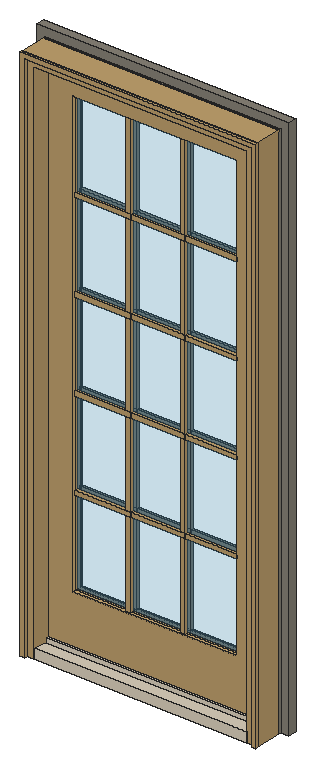
Revit family
Parameters (values of type "CUOFD3070")
  X = yes
  Void Offset = if(and(Casing Visibility, BMC), 0' 1 5/16", if(and(Casing Visibility, Flat Casing), 0' 3", 0' 0"))  # 0' - 1 5/16"
  URL = "www.marvin.com"
  Thickness = 0' - 1 3/4"
  Swing Constraint [instance] = if(X, Plan Swing Angle, 0.00°)  # 90.00°
  Sill Material = Fiberglass_Pultrusion-Marvin-Beige
  Rough Width = Width + 0' 1"  # 3' - 2 7/16"
  Rough Height = Height + 0' 0 1/2"  # 7' - 2 1/2"
  Prairie Corner Width = 0' - 4"
  Prairie Corner Height = 0' - 4"
  Plan Swing Angle [instance] = 90.00°
  Panel Width = Width - 0' 2 3/8"  # 2' - 11 1/16"
  O = not(X)  # no
  Nominal Width = 3' - 0"
  Nominal Height = 7' - 0"
  Muntins Interior Visibility = yes
  Muntins Exterior Visibility = yes
  Model = "CUOFD3070"
  Manufacturer = "Marvin Windows and Doors"
  Lites Wide = 3
  Lites High = 5
  Lite Cut Prairie 9 = no
  Lite Cut HV Grid = not(Lite Cut Prairie 9)  # yes
  Label Visibility = no
  Jamb Extension Visibility = yes
  Interior Material = Wood-Marvin-Pine
  Inset to Installation Flange [instance] = 0' - 1"
  Height = if(Nominal Height = 6' 6", Nominal Height + 0' 1 1/2", if(or(Nominal Height = 6' 8", Nominal Height = 7' 0"), Nominal Height + 0' 2", Nominal Height - 0' 0 1/2"))  # 7' - 2"
  Wall Closure = (empty or 0)
  Width = if(Nominal Height > 6' 6", Nominal Width + 0' 1 7/16", Nominal Width + 0' 0 5/8")  # 3' - 1 7/16"
  Glazing Material = Glass-Marvin-IG Low E II with Argon
  Glass Type = "IG Low E II with Argon"
  Function = 1
  Frame = "Aluminum Clad"
  Flat Casing Visibility = and(Casing Visibility, Flat Casing)  # no
  Family created by = "www.rbuiltcomponents.com"
  Elevation Swing = X  # yes
  Door Type = "Clad Ultimate Outswing French Door"
  Design Pressure = "DP40"
  Description = "3684 FR DOOR"
  Daylight Area = DLO Width * DLO Height  # 12.4636 SF
  DLO Width = Width - 0' 11 27/32"  # 2' - 1 19/32"
  DLO Height = if(Bottom Rail Traditional, Height - 1' 3 7/8", Height - 1' 0 13/32")  # 5' - 10 1/8"
  Cladding Material = Aluminum-Marvin-Bronze
  Casing Width = if(BMC, 0' 1 5/16", 0' 3")  # 0' - 1 5/16"
  Casing Visibility = yes
  Bottom Rail Traditional = not(Bottom Rail Contemporary)  # yes
  Bottom Rail Contemporary = no
  Bottom Rail = if(Bottom Rail Traditional, 0' 9 31/32", 0' 6 1/2")  # 0' - 9 31/32"
  BMC Visibility = and(Casing Visibility, BMC)  # yes
  BMC = yes
  Flat Casing = not(BMC)  # no
  Assembly Code = ""
Reference planes (in)
  plane 1 "Center (Front/Back)": y = 0
  plane 2 "Center (Left/Right)": x = 0
  plane 3 "Left": x = -18.71875
  plane 4 "Right": x = 18.71875
  plane 5 "Top": z = 86
  plane 6 "Exterior": y = 3
  plane 7 "Interior": y = -3
  plane 8 "Inset": y = 2
  plane 9 "Glazing": y = 1.65625
  plane 10: x = -12.78125
  plane 11: x = 12.78125
  plane 12: z = 80.0625
  plane 13: z = 9.96875
  plane 14 "Jamb Ext Face": y = -2.5625
  plane 15: y = 2.09375
  plane 16 "Void Offset": z = 87.3125
  plane 17 "Casing": z = 87.3125
  plane 18: y = -2.59375
Forms (in)
  Sweep 1, solid, material "Aluminum-Marvin-Bronze" <- "Cladding Material"
    path origin (0, 1.65625, 0) x (1, 0, 0) y (0, 0, 1)
      loop
        line (-18.71875, 0) -> (-18.71875, 86) -> (18.71875, 86) -> (18.71875, 0)
    profile "Clad_Frame : Clad_Frame" origin (-18.71875, 1.65625, 43) x (-1, 0, 0) y (0, -1, 0)
      loop
        line (0, -1.43865) -> (0, 0) -> (-1.06374, 0) -> (-1.06374, -0.15859) -> (-0.93767, -0.15859) -> (-0.93767, -0.732) -> (-0.67848, -0.732) -> (-0.67848, -1.43865) -> (0, -1.43865)
  Sweep 2, solid, material "Wood-Marvin-Pine" <- "Interior Material"
    path origin (0, 1.65625, 0) x (1, 0, 0) y (0, 0, 1)
      loop
        line (-18.71875, 0) -> (-18.71875, 86) -> (18.71875, 86) -> (18.71875, 0)
    profile "Int_Frame : Int_Frame" origin (-18.71875, 1.65625, 43) x (-1, 0, 0) y (0, -1, 0)
      loop
        line (0, 0) -> (0, 4.2176) -> (-1.75053, 4.2176) -> (-1.75053, 1.42331) -> (-1.06374, 1.42331) -> (-1.06374, 0) -> (0, 0)
  Sweep 3, solid, material "Fiberglass_Pultrusion-Marvin-Beige" <- "Sill Material"
    path origin (0, 2, 0) x (1, 0, 0) y (0, 0, 1)
      loop
        line (18.04027, 0) -> (-18.04027, 0)
    profile "Sill : Sill" origin (0, 2, 0) x (0, 0, -1) y (0, -1, 0)
      loop
        line (0, 4.56948) -> (-1.57326, 4.56948) -> (-1.32364, 2.19448) -> (-2.005, 2.19448) -> (-2.005, 1.75698) -> (-1.55064, 1.75698) -> (-1.35612, -0.09375) -> (-0.5775, -0.09375) -> (-0.5775, -1.09375) -> (0, -1.09375) -> (0, 4.56948)
  Extrusion 4, solid, material "Wood-Marvin-Pine" <- "Interior Material", visible <- "Jamb Extension Visibility", detail levels medium+fine
    sketch origin (0, -2.5625, 0) x (1, 0, 0) y (0, 0, 1)
      loop
        line (-18.71875, 0) -> (-18.03125, 0) -> (-18.03125, 85.3125) -> (18.03125, 85.3125) -> (18.03125, 0) -> (18.71875, 0) -> (18.71875, 86) -> (-18.71875, 86) -> (-18.71875, 0)
    from 0.03125 to 0.4375
  Sweep 5, void
    path in 3D
      loop
        line (-18.04027, -2.56948, 0) -> (-18.04027, -2.56948, 1.57326)
    profile "Sill_Void : Sill_Void" origin (-18.04027, -2.56948, 0.78663) x (0, 1, 0) y (-1, 0, 0)
      loop
        line (0, 0) -> (0, -1.07205) -> (2.79429, -1.07205) -> (2.79429, -0.38526) -> (4.37619, -0.38526) -> (4.37619, -0.25918) -> (4.9496, -0.25918) -> (4.9496, 0) -> (0, 0)
  Sweep 6, void
    path in 3D
      loop
        line (18.04027, -2.56948, 1.57326) -> (18.04027, -2.56948, 0)
    profile "Sill_Void : Sill_Void" origin (18.04027, -2.56948, 0.78663) x (0, 1, 0) y (1, 0, 0)
      loop
        line (0, 0) -> (0, -1.07205) -> (2.79429, -1.07205) -> (2.79429, -0.38526) -> (4.37619, -0.38526) -> (4.37619, -0.25918) -> (4.9496, -0.25918) -> (4.9496, 0) -> (0, 0)
  Extrusion 7, void
    sketch origin (0, 0, 0) x (1, 0, 0) y (0, 1, 0)
      loop
        line (-18.71875, 2) -> (-18.71875, -3) -> (18.71875, -3) -> (18.71875, 2) -> (-18.71875, 2)
    from 86 to 0
  Extrusion 8, void
    sketch origin (0, 0, 0) x (1, 0, 0) y (0, 1, 0)
      loop
        line (-20.03125, 3.125) -> (-20.03125, 2) -> (20.03125, 2) -> (20.03125, 3.125) -> (-20.03125, 3.125)
    from 87.3125 to 0
Cuts and joins
  Sweep 5, Sweep 6 cuts Sweep 3
Lines and regions (in)
  Masking region 1
    outline origin (0, 0, 0) x (0, 1, 0) y (0, 0, 1)
      loop
        line (3.0949, 86) -> (-2.59375, 86) -> (-2.59375, 0) -> (3.0949, 0) -> (3.0949, 86)
  Masking region 2, visible <- "Jamb Extension Visibility"
    outline origin (0, 0, 0) x (1, 0, 0) y (0, 1, 0)
      loop
        line (-18.71875, -2.59375) -> (-18.71875, -3) -> (-18.03125, -3) -> (-18.03125, -2.59375) -> (-18.71875, -2.59375)
  Masking region 3, visible <- "Jamb Extension Visibility"
    outline origin (0, 0, 0) x (0, 1, 0) y (-1, 0, 0)
      loop
        line (-2.59375, -18.71875) -> (-2.59375, -18.03125) -> (-3, -18.03125) -> (-3, -18.71875) -> (-2.59375, -18.71875)
  Masking region 4, visible <- "Jamb Extension Visibility"
    outline origin (0, 0, 0) x (0, 1, 0) y (0, 0, 1)
      loop
        line (-2.59375, 86) -> (-3, 86) -> (-3, 0) -> (-2.59375, 0) -> (-2.59375, 86)
  symbolic lines, style "DoorsFrameMullionProjection", visible <- "Jamb Extension Visibility", detail levels coarse+medium
    curve 1: line (-18.71875, -3, 0) -> (-18.03125, -3, 0)
    curve 2: line (-18.03125, -3, 0) -> (-18.03125, -2.59375, 0)
    curve 3: line (18.71875, -3, 0) -> (18.03125, -3, 0)
    curve 4: line (18.03125, -3, 0) -> (18.03125, -2.59375, 0)
    curve 7: line (0, -2.59375, 85.3125) -> (0, -3, 85.3125)
    curve 8: line (0, -3, 85.3125) -> (0, -3, 86)
  symbolic lines, style "Jamb Extension", visible <- "Jamb Extension Visibility", detail levels fine
    curve 5: line (0, -2.59375, 85.3125) -> (0, -3, 85.3125)
    curve 6: line (0, -3, 85.3125) -> (0, -3, 86)
  symbolic lines, style "DoorsFrameMullionProjection", detail levels coarse+medium
    curve 9: line (0, 3.0949, 86) -> (0, 3.0949, 84.93626)
    curve 10: line (0, 3.0949, 84.93626) -> (0, -2.5625, 84.93626)
    curve 11: line (0, -2.5625, 84.93626) -> (0, -2.5625, 86)
    curve 20: line (0, 2.09375, 80.0625) -> (0, 2.09375, 9.96875)
    curve 21: line (0, 0.3426, 80.0625) -> (0, 0.3426, 9.96875)
    curve 24: line (0, 3.09375, 0.5775) -> (0, 2.09375, 0.5775)
    curve 25: line (0, 2.09375, 1.375) -> (0, 2.09375, 0.5775)
    curve 26: line (0, 2.09375, 1.375) -> (0, -2.5625, 1.375)
    curve 27: line (0, -2.5625, 0) -> (0, -2.5625, 1.375)
    curve 28: line (0, 3.09375, 0) -> (0, 3.09375, 0.5775)
    curve 29: line (0, 3.09375, 0) -> (0, -2.5625, 0)
    curve 30: line (-18.71875, -2.59375, 0) -> (-18.71875, -3, 0)
    curve 31: line (18.71875, -2.59375, 0) -> (18.71875, -3, 0)
    curve 32: line (0, 3.0949, 86) -> (0, -3, 86)
  symbolic lines, style "DoorsPanelProjection", detail levels coarse+medium
    curve 12: line (0, 2.09375, 80.0625) -> (0, 2.09375, 84.93626)
    curve 13: line (0, 0.3426, 80.0625) -> (0, 2.09375, 80.0625)
    curve 14: line (0, 0.3426, 84.93626) -> (0, 0.3426, 80.0625)
    curve 15: line (0, 2.09375, 9.96875) -> (0, 0.3426, 9.96875)
    curve 16: line (0, 2.09375, 1.625) -> (0, 2.09375, 9.96875)
    curve 17: line (0, 0.3426, 1.625) -> (0, 2.09375, 1.625)
    curve 18: line (0, 0.3426, 9.96875) -> (0, 0.3426, 1.625)
  symbolic lines, style "DoorsGlassProjection", detail levels coarse+medium
    curve 19: line (0, 1.21875, 9.96875) -> (0, 1.21875, 80.0625)
  symbolic lines, style "Elevation Swing", visible <- "Elevation Swing"
    curve 22: line (-17.53125, 1.65625, 0.87565) -> (17.53125, 1.65625, 43)
    curve 23: line (17.53125, 1.65625, 43) -> (-17.53125, 1.65625, 84.83384)
  sketch lines
    curve 33: line (-18.04027, -2.56948, 0) -> (-18.04027, -2.56948, 1.57326)
    curve 34: line (18.04027, -2.56948, 1.57326) -> (18.04027, -2.56948, 0)
Text (in)
  text "Exterior" at (-74.96733, 27.31104, 0), in view "Ref. Level"
  text "Interior" at (-74.96733, -25.14366, 0), in view "Ref. Level"
  text "Exterior" at (0, 40.15149, 123.01588), in view "Right"
  text "Interior" at (0, -64.39139, 123.01588), in view "Right"
  text "Interior" at (0, -31.01599, 123.00693), in view "Left"
  text "Exterior" at (0, 54.57065, 123.00693), in view "Left"
Dimensions and locks (in)
  equal spacing: plane 3 "Left", plane 2 "Center (Left/Right)", plane 4 "Right"
  "Height": level to plane 5 "Top"
  "Width": plane 3 "Left" to plane 4 "Right"
  locked: plane 11 to plane 4 "Right" at 5.9375
  locked: plane 3 "Left" to plane 10 at 5.9375
  locked: plane 12 to plane 5 "Top" at 5.9375
  "Bottom Rail": level to plane 13
  locked: Extrusion 4 sketch curve to plane 4 "Right" at 0.6875
  locked: plane 3 "Left" to Extrusion 4 sketch curve at 0.6875
  locked: plane 5 "Top" to Extrusion 4 sketch curve at 0.6875
  locked: nested 3 to plane 9 "Glazing" at 0.8125
  "Inset to Installation Flange": host wall to plane 8 "Inset"
  locked: plane 9 "Glazing" to plane 8 "Inset" at 0.34375
  locked: plane 14 "Jamb Ext Face" to plane 8 "Inset" at 4.5625
  locked: plane 8 "Inset" to plane 15 at 0.09375
  locked: nested 5 to host wall at 12
  equal spacing: level, curve 23, plane 5 "Top"
  locked: curve 26 to level at 1.375
  locked: Extrusion 8 sketch curve to host wall at 0.125
  "Void Offset": Extrusion 8 sketch curve to plane 3 "Left"
  "Void Offset": plane 4 "Right" to Extrusion 8 sketch curve
  "Void Offset": plane 5 "Top" to plane 16 "Void Offset"
  "Casing Width": plane 5 "Top" to plane 17 "Casing"
  locked: plane 18 to plane 14 "Jamb Ext Face" at 0.03125
  aligned and locked: plane 6 "Exterior" to host wall
  aligned and locked: plane 7 "Interior" to host wall
  aligned and locked: plane 3 "Left" to Sweep 1 sketch curve
  aligned and locked: level to Sweep 1 sketch curve  (x2)
  aligned and locked: Sweep 1 sketch curve to plane 5 "Top"
  aligned and locked: Sweep 1 sketch curve to plane 4 "Right"
  aligned and locked: plane 3 "Left" to Sweep 2 sketch curve
  aligned and locked: level to Sweep 2 sketch curve  (x2)
  aligned and locked: Sweep 2 sketch curve to plane 5 "Top"
  aligned and locked: Sweep 2 sketch curve to plane 4 "Right"
  aligned and locked: level to nested 1
  aligned and locked: nested 1 to plane 8 "Inset"
  aligned and locked: Sweep 3 sketch curve to level
  aligned and locked: Extrusion 4 sketch curve to plane 3 "Left"
  aligned and locked: plane 5 "Top" to Extrusion 4 sketch curve
  aligned and locked: plane 4 "Right" to Extrusion 4 sketch curve
  aligned and locked: level to Extrusion 4 sketch curve  (x2)
  aligned and locked: Sweep 1 to Extrusion 4 sketch curve
  aligned and locked: host wall to Extrusion 4
  aligned and locked: plane 9 "Glazing" to nested 2
  aligned and locked: nested 2 to plane 2 "Center (Left/Right)"
  aligned and locked: plane 12 to nested 2
  aligned and locked: plane 2 "Center (Left/Right)" to nested 3
  aligned and locked: nested 3 to plane 12
  aligned and locked: plane 3 "Left" to curve 1
  aligned and locked: curve 1 to Extrusion 4
  aligned and locked: curve 4 to Extrusion 4
  aligned and locked: curve 3 to Extrusion 4
  aligned and locked: Extrusion 4 to curve 5
  aligned and locked: Extrusion 4 to curve 6
  aligned and locked: plane 5 "Top" to curve 8
  aligned and locked: Extrusion 4 to curve 7
  aligned and locked: plane 5 "Top" to curve 9
  aligned and locked: plane 14 "Jamb Ext Face" to curve 11
  aligned and locked: curve 9 to Sweep 1
  aligned and locked: curve 10 to Sweep 2
  aligned and locked: curve 13 to plane 12
  aligned and locked: curve 15 to plane 13
  aligned and locked: curve 13 to curve 19
  aligned and locked: curve 15 to curve 19
  aligned and locked: plane 5 "Top" to Masking region 1 sketch curve
  aligned and locked: level to Masking region 1 sketch curve
  aligned and locked: Masking region 1 sketch curve to Sweep 1
  aligned and locked: plane 8 "Inset" to nested 4
  aligned and locked: plane 2 "Center (Left/Right)" to nested 5
  aligned and locked: nested 4 to plane 4 "Right"
  aligned and locked: Sweep 3 sketch curve to Sweep 1
  aligned and locked: Sweep 1 to Sweep 3 sketch curve
  aligned and locked: plane 3 "Left" to curve 30
  aligned and locked: nested 4 to curve 31
  aligned and locked: curve 25 to cut or joined group of Sweep 3, Sweep 5, Sweep 6
  aligned and locked: curve 24 to cut or joined group of Sweep 3, Sweep 5, Sweep 6
  aligned and locked: plane 14 "Jamb Ext Face" to curve 27
  aligned and locked: Extrusion 7 sketch curve to host wall
  aligned and locked: Extrusion 7 sketch curve to plane 3 "Left"
  aligned and locked: plane 4 "Right" to Extrusion 7 sketch curve
  aligned and locked: plane 8 "Inset" to Extrusion 7 sketch curve
  aligned and locked: Extrusion 8 sketch curve to plane 8 "Inset"
  aligned and locked: Extrusion 7 to plane 5 "Top"
  aligned and locked: Extrusion 7 to level
  aligned and locked: Extrusion 8 to plane 16 "Void Offset"
  aligned and locked: Extrusion 8 to level
  aligned and locked: plane 2 "Center (Left/Right)" to nested 6
  aligned and locked: plane 8 "Inset" to nested 6
  aligned and locked: level to nested 6
  aligned and locked: Masking region 2 sketch curve to plane 3 "Left"
  aligned and locked: Masking region 2 sketch curve to Extrusion 4
  aligned and locked: Masking region 2 sketch curve to host wall
  aligned and locked: curve 2 to Extrusion 4
  aligned and locked: Masking region 3 sketch curve to plane 4 "Right"
  aligned and locked: Masking region 3 sketch curve to Extrusion 4
  aligned and locked: host wall to Masking region 3 sketch curve
  aligned and locked: plane 18 to Masking region 2 sketch curve
  aligned and locked: plane 18 to curve 30
  aligned and locked: plane 18 to curve 2
  aligned and locked: Masking region 3 sketch curve to plane 18
  aligned and locked: plane 18 to curve 4
  aligned and locked: plane 18 to curve 31
  aligned and locked: Extrusion 4 to plane 18
  aligned and locked: plane 18 to curve 5
  aligned and locked: plane 18 to curve 7
  aligned and locked: Masking region 1 sketch curve to plane 18
  aligned and locked: plane 5 "Top" to Masking region 4 sketch curve
  aligned and locked: level to Masking region 4 sketch curve
  aligned and locked: plane 18 to Masking region 4 sketch curve
  aligned and locked: Masking region 4 sketch curve to host wall
  aligned and locked: curve 28 to nested 1
  aligned and locked: plane 2 "Center (Left/Right)" to nested 7
  aligned and locked: nested 7 to plane 12
  aligned and locked: plane 9 "Glazing" to nested 7
  aligned and locked: curve 14 to nested 1
Automatic sketch dimensions
  level to curve 22 = 0' - 0.87565"
  plane 5 "Top" to curve 23 = 0' - 1.16616"
  curve 29 to level = 0' - 0"
  plane 9 "Glazing" to curve 19 = 0' - 0 7/16"
  curve 16 to plane 15 = 0' - 0"
  curve 23 to plane 3 "Left" = 0' - 1 3/16"
  curve 22 to plane 3 "Left" = 0' - 1 3/16"
  plane 4 "Right" to curve 23 = 0' - 1 3/16"
  curve 25 to curve 17 = 0' - 0 1/4"
Nested families (in)
  nested 1: "Door_Section_Detail" at (0, 2, 0) x (0, -1, 0) z (1, 0, 0), type "Door_Section_Detail", detail levels fine
  nested 2: "Muntins" at (0, 1.65625, -26.0625), visible <- "Muntins Exterior Visibility", Muntin Material <- "Cladding Material", type "Muntins"
    with Muntin Material Aluminum-Marvin-Bronze, GlazingWidth 2' - 1 19/32", GlazingHeight 5' - 10 1/8", Width 2' - 2 1/32", LitesVertical 5, HorizontalMuntins 4, Height 5' - 10 9/16", Inset Vert 0' - 8.30208", Inset Horiz 1' - 1.7375"
  nested 3: "Muntins" at (0, 0.84375, -26.0625), Muntin Material <- "Interior Material", visible <- "Muntins Interior Visibility", type "Muntins"
    with Muntin Material Wood-Marvin-Pine, GlazingWidth 2' - 1 19/32", GlazingHeight 5' - 10 1/8", Width 2' - 2 1/32", LitesVertical 5, HorizontalMuntins 4, Height 5' - 10 9/16", Inset Vert 0' - 8.30208", Inset Horiz 1' - 1.7375"
  nested 4: "Door_Plan_Detail" at (36.65625, 2, 0), type "Door_Plan_Detail"
  nested 5: "Label Annotation 1-16 w5" at (0, 15, 0), visible <- "Label Visibility", type "Label Annotation 1-16 w5"
  nested 6: "Casing_Clad" at (0, 2, 0), visible <- "Casing Visibility", type "Casing_Clad"
    with Width 3' - 1 7/16", Height 7' - 2"
  nested 7: "Panel" at (0, 1.65625, 1.84375), type "Panel"
    with Width 2' - 11 3/32", Height 6' - 10 31/32", DLO Width 2' - 1 19/32", DLO Height 5' - 10 1/8"
Definition of nested family "Muntins"
  Parameters (values of type "Muntins")
    PrairieMuntVisible = no
    Prairie Corner Width = 0' - 4"
    Prairie Corner Height = 0' - 4"
    Muntin Extension = 0' - 0 7/16"
    GridMuntVisible = yes
    GlazingWidth = 2' - 0"
    GlazingHeight = 2' - 11 1/8"
    Width = GlazingWidth + Muntin Extension  # 2' - 0 7/16"
    VerticalMuntins = if(LitesHorizontal < 3, 2, LitesHorizontal - 1)  # 2
    VertMuntVisible = and(GridMuntVisible, LitesHorizontal > 2)  # yes
    MuntinWidth = 0' - 0 3/4"
    MuntinDepth [instance] = 0' - 0 3/8"
    Muntin Material [instance] = none
    LitesVertical = 3
    LitesHorizontal = 3
    HorizontalMuntins = if(LitesVertical < 3, 2, LitesVertical - 1)  # 2
    HorizMuntVisible = and(GridMuntVisible, LitesVertical > 2)  # yes
    Height = GlazingHeight + Muntin Extension  # 2' - 11 9/16"
    Inset Vert = if(LitesHorizontal < 3, (Width / 3) - (MuntinWidth / 2), (Width / LitesHorizontal) - (MuntinWidth / 2))  # 0' - 7.77083"
    Inset Horiz = if(LitesVertical < 3, (Height / 3) - (MuntinWidth / 2), (Height / LitesVertical) - (MuntinWidth / 2))  # 0' - 11.47917"
    CenterMuntinVertical = and(GridMuntVisible, LitesHorizontal = 2)  # no
    CenterMuntinHorizontal = and(GridMuntVisible, LitesVertical = 2)  # no
    Assembly Code = ""
  Reference planes (in)
    plane 1 "Center (Front/Back)": y = 0
    plane 2: z = 0
    plane 3 "Center (Left/Right)": x = 0
    plane 4: z = 35.78125
    plane 5: z = 53.5625
    plane 6: z = 71.34375
    plane 7: z = 59.86458
    plane 8: z = 47.26042
    plane 9: z = 71.125
    plane 10: z = 36
    plane 11: x = -12
    plane 12: x = 12
    plane 13: x = -4.44792
    plane 14: x = -12.21875
    plane 15: x = 12.21875
    plane 16: x = 4.44792
    plane 17: z = 67.125
    plane 18: z = 40
    plane 19: x = -8
    plane 20: x = 8
  Forms (in)
    Extrusion 1, solid, material <- "Muntin Material", visible <- "CenterMuntinVertical", detail levels medium+fine
      sketch origin (9, 0, 0) x (1, 0, 0) y (0, 0, 1)
        loop
          line (-9.375, 71.34375) -> (-9.375, 35.78125) -> (-8.625, 35.78125) -> (-8.625, 71.34375) -> (-9.375, 71.34375)
      from 0 to 0.375 <- "MuntinDepth"
    Extrusion 2, solid, material <- "Muntin Material", visible <- "CenterMuntinHorizontal", detail levels medium+fine
      sketch origin (-0.0013, 0, 14.6875) x (1, 0, 0) y (0, 0, 1)
        loop
          line (-12.21745, 39.25) -> (-12.21745, 38.5) -> (12.22005, 38.5) -> (12.22005, 39.25) -> (-12.21745, 39.25)
      from 0 to 0.375 <- "MuntinDepth"
    Extrusion 3, solid, material <- "Muntin Material", visible <- "VertMuntVisible", detail levels medium+fine
      sketch origin (4.92708, 0, -2.90625) x (1, 0, 0) y (0, 0, 1)
        loop
          line (-9.375, 74.25) -> (-9.375, 38.6875) -> (-8.625, 38.6875) -> (-8.625, 74.25) -> (-9.375, 74.25)
      from 0 to 0.375 <- "MuntinDepth"
    Extrusion 4, solid, material <- "Muntin Material", visible <- "HorizMuntVisible", detail levels medium+fine
      sketch origin (-3.09635, 0, 14.17708) x (1, 0, 0) y (0, 0, 1)
        loop
          line (-9.1224, 45.6875) -> (-9.1224, 44.9375) -> (15.3151, 44.9375) -> (15.3151, 45.6875) -> (-9.1224, 45.6875)
      from 0 to 0.375 <- "MuntinDepth"
    Extrusion 5, solid, material <- "Muntin Material", visible <- "HorizMuntVisible", detail levels medium+fine
      sketch origin (-3.09635, 0, 2.32292) x (1, 0, 0) y (0, 0, 1)
        loop
          line (-9.1224, 45.6875) -> (-9.1224, 44.9375) -> (15.3151, 44.9375) -> (15.3151, 45.6875) -> (-9.1224, 45.6875)
      from 0 to 0.375 <- "MuntinDepth"
    Extrusion 6, solid, material <- "Muntin Material", visible <- "VertMuntVisible", detail levels medium+fine
      sketch origin (13.07292, 0, -2.90625) x (1, 0, 0) y (0, 0, 1)
        loop
          line (-9.375, 74.25) -> (-9.375, 38.6875) -> (-8.625, 38.6875) -> (-8.625, 74.25) -> (-9.375, 74.25)
      from 0 to 0.375 <- "MuntinDepth"
    Extrusion 7, solid, material <- "Muntin Material", visible <- "PrairieMuntVisible", detail levels medium+fine
      sketch origin (1, 0, 0) x (1, 0, 0) y (0, 0, 1)
        loop
          line (-9, 71.34375) -> (-9, 35.78125) -> (-8.25, 35.78125) -> (-8.25, 71.34375) -> (-9, 71.34375)
      from 0 to 0.375 <- "MuntinDepth"
    Extrusion 8, solid, material <- "Muntin Material", visible <- "PrairieMuntVisible", detail levels medium+fine
      sketch origin (17, 0, 0) x (1, 0, 0) y (0, 0, 1)
        loop
          line (-9.75, 71.34375) -> (-9.75, 35.78125) -> (-9, 35.78125) -> (-9, 71.34375) -> (-9.75, 71.34375)
      from 0 to 0.375 <- "MuntinDepth"
    Extrusion 9, solid, material <- "Muntin Material", visible <- "PrairieMuntVisible", detail levels medium+fine
      sketch origin (-0.0013, 0, 28.25) x (1, 0, 0) y (0, 0, 1)
        loop
          line (-12.21745, 38.875) -> (-12.21745, 38.125) -> (12.22005, 38.125) -> (12.22005, 38.875) -> (-12.21745, 38.875)
      from 0 to 0.375 <- "MuntinDepth"
    Extrusion 10, solid, material <- "Muntin Material", visible <- "PrairieMuntVisible", detail levels medium+fine
      sketch origin (-0.0013, 0, 1.125) x (1, 0, 0) y (0, 0, 1)
        loop
          line (-12.21745, 39.625) -> (-12.21745, 38.875) -> (12.22005, 38.875) -> (12.22005, 39.625) -> (-12.21745, 39.625)
      from 0 to 0.375 <- "MuntinDepth"
  Cuts and joins
    joined: Extrusion 7, Extrusion 8, Extrusion 9, Extrusion 10
  Lines and regions (in)
    model lines, style "Muntins", visible <- "CenterMuntinHorizontal", detail levels coarse
      curve 1: line (-12.21875, 0, 53.5625) -> (12.21875, 0, 53.5625)
    model lines, style "Muntins", visible <- "HorizMuntVisible", detail levels coarse
      curve 2: line (-12.21875, 0, 59.48958) -> (12.21875, 0, 59.48958)
      curve 3: line (-12.21875, 0, 47.63542) -> (12.21875, 0, 47.63542)
    model lines, style "Muntins", visible <- "CenterMuntinVertical", detail levels coarse
      curve 4: line (0, 0, 71.34375) -> (0, 0, 35.78125)
    model lines, style "Muntins", visible <- "VertMuntVisible", detail levels coarse
      curve 5: line (-4.07292, 0, 71.34375) -> (-4.07292, 0, 35.78125)
      curve 6: line (4.07292, 0, 71.34375) -> (4.07292, 0, 35.78125)
    model lines, style "Muntins", visible <- "PrairieMuntVisible", detail levels coarse
      curve 7: line (-12.21875, 0, 66.75) -> (12.21875, 0, 66.75)
      curve 8: line (-12.21875, 0, 40.375) -> (12.21875, 0, 40.375)
      curve 9: line (-7.625, 0, 35.78125) -> (-7.625, 0, 71.34375)
      curve 10: line (7.625, 0, 35.78125) -> (7.625, 0, 71.34375)
  Dimensions and locks (in)
    "Inset Horiz": plane 6 to plane 7
    "Inset Horiz": plane 8 to plane 4
    equal spacing: plane 6, plane 5, plane 4
    "Height": plane 6 to plane 4
    "GlazingHeight": plane 9 to plane 10
    equal spacing: plane 9, plane 5, plane 10
    "GlazingWidth": plane 12 to plane 11
    equal spacing: plane 12, plane 3 "Center (Left/Right)", plane 11
    "MuntinWidth": Extrusion 1 sketch curve to Extrusion 1 sketch curve
    "Height": Extrusion 1 sketch curve to Extrusion 1 sketch curve
    "MuntinWidth": Extrusion 2 sketch curve to Extrusion 2 sketch curve
    "Width": Extrusion 2 sketch curve to Extrusion 2 sketch curve
    "MuntinWidth": Extrusion 3 sketch curve to Extrusion 3 sketch curve
    "Height": Extrusion 3 sketch curve to Extrusion 3 sketch curve
    "Width": plane 15 to plane 14
    equal spacing: plane 15, plane 3 "Center (Left/Right)", plane 14
    "Inset Vert": plane 13 to plane 14
    "Inset Vert": plane 15 to plane 16
    "MuntinWidth": Extrusion 4 sketch curve to Extrusion 4 sketch curve
    "Width": Extrusion 4 sketch curve to Extrusion 4 sketch curve
    "MuntinWidth": Extrusion 5 sketch curve to Extrusion 5 sketch curve
    "Width": Extrusion 5 sketch curve to Extrusion 5 sketch curve
    group 2 to group 3 = 0' - 0"  (x2)
    group 3 to group 2 = 0' - 11.85417"
    "MuntinWidth": Extrusion 6 sketch curve to Extrusion 6 sketch curve
    "Height": Extrusion 6 sketch curve to Extrusion 6 sketch curve
    group 4 to group 5 = 0' - 8.14583"
    group 4 to group 5 = 0' - 0"  (x2)
    "Prairie Corner Width": plane 19 to plane 11
    "Prairie Corner Width": plane 20 to plane 12
    "Prairie Corner Height": plane 9 to plane 17
    "Prairie Corner Height": plane 18 to plane 10
    "MuntinWidth": Extrusion 7 sketch curve to Extrusion 7 sketch curve
    "Height": Extrusion 7 sketch curve to Extrusion 7 sketch curve
    "MuntinWidth": Extrusion 8 sketch curve to Extrusion 8 sketch curve
    "Height": Extrusion 8 sketch curve to Extrusion 8 sketch curve
    "MuntinWidth": Extrusion 9 sketch curve to Extrusion 9 sketch curve
    "Width": Extrusion 9 sketch curve to Extrusion 9 sketch curve
    "MuntinWidth": Extrusion 10 sketch curve to Extrusion 10 sketch curve
    "Width": Extrusion 10 sketch curve to Extrusion 10 sketch curve
    aligned and locked: plane 6 to Extrusion 1  (x2)
    aligned and locked: Extrusion 1 to plane 4  (x3)
    aligned and locked: Extrusion 3 to plane 13  (x5)
    aligned and locked: Extrusion 3 to plane 4  (x3)
    aligned and locked: Extrusion 2 to plane 14
    aligned and locked: plane 15 to Extrusion 2
    aligned and locked: plane 6 to Extrusion 3
    aligned and locked: plane 7 to Extrusion 4
    aligned and locked: Extrusion 4 to plane 14
    aligned and locked: plane 15 to Extrusion 4
    aligned and locked: curve 1 to plane 5
    aligned and locked: plane 14 to curve 1
    aligned and locked: plane 15 to curve 1
    aligned and locked: Extrusion 5 to plane 14
    aligned and locked: Extrusion 5 to plane 8
    aligned and locked: plane 15 to Extrusion 5
    aligned and locked: Extrusion 5 to curve 3  (x2)
    aligned and locked: Extrusion 4 to curve 2  (x2)
    aligned and locked: curve 4 to plane 3 "Center (Left/Right)"
    aligned and locked: Extrusion 1 to curve 4  (x2)
    aligned and locked: Extrusion 3 to curve 5  (x2)
    aligned and locked: Extrusion 6 to curve 6  (x2)
    aligned and locked: Extrusion 6 to plane 16
    aligned and locked: plane 6 to Extrusion 6
    aligned and locked: plane 6 to curve 6
    aligned and locked: Extrusion 6 to plane 4
    aligned and locked: plane 4 to curve 6
    aligned and locked: cut or joined group of Extrusion 7, Extrusion 8, Extrusion 9, Extrusion 10 to plane 19
    aligned and locked: plane 20 to cut or joined group of Extrusion 7, Extrusion 8, Extrusion 9, Extrusion 10
    aligned and locked: plane 17 to cut or joined group of Extrusion 7, Extrusion 8, Extrusion 9, Extrusion 10
    aligned and locked: cut or joined group of Extrusion 7, Extrusion 8, Extrusion 9, Extrusion 10 to plane 18
    aligned and locked: cut or joined group of Extrusion 7, Extrusion 8, Extrusion 9, Extrusion 10 to curve 7  (x2)
    aligned and locked: cut or joined group of Extrusion 7, Extrusion 8, Extrusion 9, Extrusion 10 to curve 8  (x2)
    aligned and locked: cut or joined group of Extrusion 7, Extrusion 8, Extrusion 9, Extrusion 10 to curve 9  (x2)
    aligned and locked: cut or joined group of Extrusion 7, Extrusion 8, Extrusion 9, Extrusion 10 to curve 10  (x2)
  Automatic sketch dimensions
    Extrusion 1 sketch curve to plane 4 = 0' - 0"
    Extrusion 1 sketch curve to plane 3 "Center (Left/Right)" = 0' - 0 3/8"
    Extrusion 2 sketch curve to plane 14 = 0' - 0"
    Extrusion 2 sketch curve to plane 5 = 0' - 0 3/8"
    Extrusion 7 sketch curve to plane 4 = 0' - 0"
    Extrusion 7 sketch curve to plane 19 = 0' - 0"
    Extrusion 8 sketch curve to plane 4 = 0' - 0"
    Extrusion 8 sketch curve to plane 20 = 0' - 0 3/4"
    Extrusion 9 sketch curve to plane 14 = 0' - 0"
    Extrusion 9 sketch curve to plane 17 = 0' - 0 3/4"
    Extrusion 10 sketch curve to plane 14 = 0' - 0"
    Extrusion 10 sketch curve to plane 18 = 0' - 0"
    plane 19 to curve 9 = 0' - 0 3/8"
    curve 10 to plane 20 = 0' - 0 3/8"
    plane 18 to curve 8 = 0' - 0 3/8"
    curve 7 to plane 17 = 0' - 0 3/8"
Definition of nested family "Casing_Clad"
  Parameters (values of type "Casing_Clad")
    Width = 16' - 0"
    Height = 12' - 0"
    Flat Casing Visibility = no
    Cladding Finish = Aluminum-Marvin-Bronze
    BMC Visibility = yes
    Assembly Code = ""
  Reference planes (in)
    plane 1 "Center (Front/Back)": y = 0
    plane 2: z = 0
    plane 3 "Center (Left/Right)": x = 0
    plane 4: z = 144
    plane 5: x = -96
    plane 6: x = 96
  Forms (in)
    Sweep 1, solid, material "Aluminum-Marvin-Bronze" <- "Cladding Finish", visible <- "BMC Visibility"
      path origin (0, 0, 0) x (1, 0, 0) y (0, 0, 1)
        loop
          line (-96, 0) -> (-96, 144) -> (96, 144) -> (96, 0)
      profile "BMC_Clad : BMC_Clad" origin (96, 0, 72) x (1, 0, 0) y (0, -1, 0)
        loop
          line (0.71589, -1.25) -> (1.3125, -1.25) -> (1.3125, 0) -> (0, 0) -> (0, -1.09375) -> (0.38081, -1.09375) -> (0.71589, -1.25)
    Sweep 2, solid, material "Aluminum-Marvin-Bronze" <- "Cladding Finish", visible <- "Flat Casing Visibility"
      path origin (0, 0, 0) x (1, 0, 0) y (0, 0, 1)
        loop
          line (-96, 0) -> (-96, 144) -> (96, 144) -> (96, 0)
      profile "Flat_Casing_Clad : Flat_Casing_Clad" origin (96, 0, 72) x (1, 0, 0) y (0, -1, 0)
        loop
          line (3, -1.09375) -> (3, 0) -> (0, 0) -> (0, -1.09375) -> (3, -1.09375)
  Lines and regions (in)
    Masking region 1, visible <- "Flat Casing Visibility"
      outline origin (0, 0, 0) x (1, 0, 0) y (0, 1, 0)
        loop
          line (-96, 0) -> (-96, 1.09375) -> (-99, 1.09375) -> (-99, 0) -> (-96, 0)
    Masking region 2, visible <- "Flat Casing Visibility"
      outline origin (0, 0, 0) x (0, 1, 0) y (-1, 0, 0)
        loop
          line (0, -96) -> (0, -99) -> (1.09375, -99) -> (1.09375, -96) -> (0, -96)
    Masking region 3, visible <- "BMC Visibility"
      outline origin (0, 0, 0) x (1, 0, 0) y (0, 1, 0)
        loop
          line (96, 1.09375) -> (96, 0) -> (97.3125, 0) -> (97.3125, 1.25) -> (96.71589, 1.25) -> (96.38081, 1.09375) -> (96, 1.09375)
    Masking region 4, visible <- "BMC Visibility"
      outline origin (0, 0, 0) x (0, 1, 0) y (-1, 0, 0)
        loop
          line (1.09375, 96) -> (1.09375, 96.38081) -> (1.25, 96.71589) -> (1.25, 97.3125) -> (0, 97.3125) -> (0, 96) -> (1.09375, 96)
    Masking region 5, visible <- "Flat Casing Visibility"
      outline origin (0, 0, 0) x (0, 1, 0) y (0, 0, 1)
        loop
          line (1.09375, 147) -> (0, 147) -> (0, 144) -> (1.09375, 144) -> (1.09375, 147)
    Masking region 6, visible <- "BMC Visibility"
      outline origin (0, 0, 0) x (0, 1, 0) y (0, 0, 1)
        loop
          line (1.25, 145.3125) -> (0, 145.3125) -> (0, 144) -> (1.09375, 144) -> (1.09375, 144.38081) -> (1.25, 144.71589) -> (1.25, 145.3125)
    symbolic lines, style "Frame/Mullion", visible <- "Flat Casing Visibility", detail levels coarse+medium
      curve 1: line (0, 1.09375, 144) -> (0, 1.09375, 147)
      curve 2: line (0, 1.09375, 147) -> (0, 0, 147)
      curve 11: line (-99, 1.09375, 0) -> (-99, 0, 0)
      curve 12: line (-96, 1.09375, 0) -> (-99, 1.09375, 0)
      curve 13: line (99, 0, 0) -> (99, 1.09375, 0)
      curve 14: line (99, 1.09375, 0) -> (96, 1.09375, 0)
    symbolic lines, style "Frame/Mullion", visible <- "BMC Visibility", detail levels coarse+medium
      curve 3: line (0, 1.25, 145.3125) -> (0, 0, 145.3125)
      curve 4: line (0, 1.25, 144.71589) -> (0, 1.25, 145.3125)
      curve 5: line (0, 1.09375, 144.38081) -> (0, 1.25, 144.71589)
      curve 6: line (0, 1.09375, 144) -> (0, 1.09375, 144.38081)
      curve 7: line (-96.71589, 1.25, 0) -> (-97.3125, 1.25, 0)
      curve 8: line (-96.38081, 1.09375, 0) -> (-96.71589, 1.25, 0)
      curve 9: line (-96, 1.09375, 0) -> (-96.38081, 1.09375, 0)
      curve 10: line (-97.3125, 1.25, 0) -> (-97.3125, 0, 0)
      curve 15: line (97.3125, 0, 0) -> (97.3125, 1.25, 0)
      curve 16: line (97.3125, 1.25, 0) -> (96.71589, 1.25, 0)
      curve 17: line (96.71589, 1.25, 0) -> (96.38081, 1.09375, 0)
      curve 18: line (96.38081, 1.09375, 0) -> (96, 1.09375, 0)
  Dimensions and locks (in)
    "Width": plane 6 to plane 5
    equal spacing: plane 6, plane 3 "Center (Left/Right)", plane 5
    "Height": plane 4 to plane 2
    aligned and locked: plane 4 to Sweep 1 sketch curve
    aligned and locked: plane 5 to Sweep 1 sketch curve
    aligned and locked: plane 2 to Sweep 1 sketch curve
    aligned and locked: Sweep 1 sketch curve to plane 2
    aligned and locked: plane 4 to Sweep 2 sketch curve
    aligned and locked: plane 5 to Sweep 2 sketch curve
    aligned and locked: plane 2 to Sweep 2 sketch curve
    aligned and locked: Sweep 2 sketch curve to plane 2
    aligned and locked: Masking region 1 sketch curve to Sweep 1
    aligned and locked: Masking region 1 sketch curve to plane 1 "Center (Front/Back)"
    aligned and locked: Sweep 2 to Masking region 1 sketch curve
    aligned and locked: Masking region 1 sketch curve to Sweep 2
    aligned and locked: Masking region 2 sketch curve to Sweep 2  (x3)
    aligned and locked: Sweep 2 to Masking region 2 sketch curve
    aligned and locked: Masking region 3 sketch curve to Sweep 2
    aligned and locked: Masking region 3 sketch curve to Sweep 1  (x4)
    aligned and locked: Sweep 1 to Masking region 3 sketch curve
    aligned and locked: Masking region 4 sketch curve to Sweep 2
    aligned and locked: Masking region 4 sketch curve to Sweep 1  (x5)
    aligned and locked: Masking region 5 sketch curve to Sweep 2  (x2)
    aligned and locked: Sweep 1 to Masking region 5 sketch curve
    aligned and locked: Masking region 5 sketch curve to Sweep 1
    aligned and locked: Masking region 6 sketch curve to Sweep 1  (x6)
    aligned and locked: curve 1 to Masking region 5
    aligned and locked: curve 2 to Sweep 2
    aligned and locked: curve 3 to Sweep 1
    aligned and locked: curve 4 to Masking region 6
    aligned and locked: curve 5 to Sweep 1
    aligned and locked: curve 6 to Masking region 6
    aligned and locked: Masking region 2 to curve 14
    aligned and locked: Masking region 3 to curve 16
    aligned and locked: Masking region 3 to curve 18
    aligned and locked: Sweep 2 sketch curve to plane 6
    aligned and locked: Sweep 1 sketch curve to plane 6
    aligned and locked: curve 11 to Sweep 2
    aligned and locked: curve 10 to Sweep 1
    aligned and locked: Sweep 1 to curve 7
    aligned and locked: curve 8 to Sweep 1
    aligned and locked: Sweep 1 to curve 9
    aligned and locked: curve 13 to Sweep 2
    aligned and locked: curve 15 to Sweep 1
    aligned and locked: curve 17 to Sweep 1
  Automatic sketch dimensions
    curve 1 to plane 4 = 0' - 0"
    curve 2 to plane 1 "Center (Front/Back)" = 0' - 0"
    curve 3 to plane 1 "Center (Front/Back)" = 0' - 0"
    curve 6 to plane 4 = 0' - 0"
    curve 10 to plane 1 "Center (Front/Back)" = 0' - 0"
    curve 11 to plane 1 "Center (Front/Back)" = 0' - 0"
    curve 13 to plane 1 "Center (Front/Back)" = 0' - 0"
    curve 15 to plane 1 "Center (Front/Back)" = 0' - 0"
    plane 5 to curve 12 = 0' - 0"
    curve 18 to plane 6 = 0' - 0"
Definition of nested family "Panel"
  Parameters (values of type "Panel")
    Width = DLO Width + 0' 9 1/2"  # 3' - 11 1/2"
    Thickness = 0' - 0"
    Offset = if(Bottom Rail Traditional, 0' 8 3/32", 0' 3 3/4")  # 0' - 8 3/32"
    Interior Finish = Wood-Marvin-Pine
    Height = if(Bottom Rail Traditional, DLO Height + 1' 0 27/32", DLO Height + 0' 9 1/2")  # 6' - 10 27/32"
    Glazing Material = Glass-Marvin-IG Low E II with Argon
    Function = 1
    DLO Width = 3' - 2"
    DLO Height = 5' - 10"
    Cladding Finish = Aluminum-Marvin-Bronze
    Bottom Rail Traditional = not(Bottom Rail Contemporary)  # yes
    Bottom Rail Contemporary = no
    Bottom Rail = if(Bottom Rail Traditional, 0' 8 3/32", 0' 4 3/4")  # 0' - 8 3/32"
  Reference planes (in)
    plane 1 "Center (Front/Back)": y = 0
    plane 2: z = 0
    plane 3 "Center (Left/Right)": x = 0
    plane 4: x = -23.75
    plane 5: x = 23.75
    plane 6: z = 82.84375
    plane 7: z = 78.09375
    plane 8: x = -19
    plane 9: x = 19
    plane 10: z = 8.09375
    plane 11 "Glazing": y = -0.8125
  Forms (in)
    Sweep 1, solid, material "Aluminum-Marvin-Bronze" <- "Cladding Finish"
      path origin (0, 0, 0) x (1, 0, 0) y (0, 0, 1)
        loop
          line (-19, 78.09375) -> (-19, 8.09375) -> (19, 8.09375) -> (19, 78.09375) -> (-19, 78.09375)
      profile "Clad_Panel : Clad_Panel" origin (0, 0, 78.09375) x (0, 0, 1) y (0, -1, 0)
        loop
          line (4.75, 0) -> (4.75, 1.3125) -> (0.19709, 1.3125) -> (0, 0.97108) -> (0, 0.8125) -> (0.72484, 0.8125) -> (0.72484, 0) -> (0, 0) -> (0, -0.05719) -> (0.20804, -0.26523) -> (0.20804, -0.4375) -> (4.75, -0.4375) -> (4.75, 0)
    Extrusion 2, solid, material "Glass-Marvin-IG Low E II with Argon" <- "Glazing Material"
      sketch origin (0, 0, 0) x (1, 0, 0) y (0, 0, 1)
        loop
          line (-19.5, 78.59375) -> (-19.5, 7.59375) -> (19.5, 7.59375) -> (19.5, 78.59375) -> (-19.5, 78.59375)
      from 0.125 to 0
    Sweep 3, solid, material "Aluminum-Marvin-Bronze" <- "Cladding Finish"
      path in 3D
        loop
          line (23.75, 0.4375, 3.34375) -> (-23.75, 0.4375, 3.34375)
      profile origin (0, 0.4375, 3.34375) x (0, 1, 0) y (0, 0, -1)
        loop
          line (0, 0) -> (0, 3.34375) -> (-1.75, 3.34375) -> (-1.75, 0) -> (0, 0)
    Extrusion 4, solid, material "Glass-Marvin-IG Low E II with Argon" <- "Glazing Material"
      sketch origin (0, -0.8125, 0) x (-1, 0, 0) y (0, 0, 1)
        loop
          line (19.5, 78.59375) -> (-19.5, 78.59375) -> (-19.5, 7.59375) -> (19.5, 7.59375) -> (19.5, 78.59375)
      from 0.125 to 0
  Cuts and joins
    joined: Sweep 1, Sweep 3
  Lines and regions (in)
    sketch lines
      curve 1: line (23.75, 0.4375, 3.34375) -> (-23.75, 0.4375, 3.34375)
  Dimensions and locks (in)
    equal spacing: plane 4, plane 3 "Center (Left/Right)", plane 5
    "Width": plane 4 to plane 5
    "Height": plane 6 to plane 2
    locked: plane 8 to plane 4 at 4.75
    locked: plane 5 to plane 9 at 4.75
    locked: plane 6 to plane 7 at 4.75
    "Bottom Rail": plane 10 to plane 2
    locked: profile plane to Sweep 3 sketch curve at 1.75
    locked: plane 8 to Extrusion 2 sketch curve at 0.5
    locked: Extrusion 2 sketch curve to plane 9 at 0.5
    locked: Extrusion 2 sketch curve to plane 7 at 0.5
    locked: plane 10 to Extrusion 2 sketch curve at 0.5
    locked: plane 11 "Glazing" to plane 1 "Center (Front/Back)" at 0.8125
    locked: plane 8 to Extrusion 4 sketch curve at 0.5
    locked: Extrusion 4 sketch curve to plane 9 at 0.5
    locked: Extrusion 4 sketch curve to plane 7 at 0.5
    locked: plane 10 to Extrusion 4 sketch curve at 0.5
    "Offset": plane 10 to Sweep 3 sketch curve
    aligned and locked: plane 10 to Sweep 1 sketch curve
    aligned and locked: plane 8 to Sweep 1 sketch curve
    aligned and locked: Sweep 1 sketch curve to plane 7
    aligned and locked: Sweep 1 sketch curve to plane 9
    aligned and locked: Extrusion 2 to plane 1 "Center (Front/Back)"
    aligned and locked: profile plane to Sweep 3 sketch curve  (x2)
Definition of nested family "Door_Section_Detail"
  Parameters (values of type "Door_Section_Detail")
    Height = 7' - 2"
    Flat Casing = no
    Flange Visibility = not(Casing Visibility)  # no
    Casing Visibility = yes
    Bottom Rail = 0' - 9 31/32"
    BMC = yes
    Assembly Code = ""
  Reference planes (in)
    plane 1 "Center (Front/Back)": y = 0
    plane 2: z = 0
    plane 3 "Center (Left/Right)": x = 0
    plane 4: y = 86
  Lines and regions (in)
    detail lines, style "Cut Lines", in view "Ref. Level"
      curve 1: line (0.38766, 9.3065, 0) -> (0.38766, 80.74609, 0)
      curve 2: line (0.51266, 9.3065, 0) -> (0.51266, 80.74609, 0)
      curve 3: line (1.01266, 9.3065, 0) -> (1.01266, 80.74609, 0)
      curve 4: line (1.13766, 9.3065, 0) -> (1.13766, 80.74609, 0)
  Dimensions and locks (in)
    "Height": plane 4 to plane 1 "Center (Front/Back)"
    aligned and locked: plane 1 "Center (Front/Back)" to nested 1
    aligned and locked: plane 3 "Center (Left/Right)" to nested 1
    aligned and locked: plane 4 to nested 2
    aligned and locked: nested 2 to plane 3 "Center (Left/Right)"
    aligned and locked: curve 1 to nested 1  (x2)
    aligned and locked: nested 1 to curve 2
    aligned and locked: curve 2 to nested 1
    aligned and locked: curve 3 to nested 1  (x2)
    aligned and locked: nested 1 to curve 4
    aligned and locked: curve 4 to nested 1
    aligned and locked: curve 1 to nested 2
    aligned and locked: nested 2 to curve 2
    aligned and locked: curve 3 to nested 2
    aligned and locked: nested 2 to curve 4
    aligned and locked: nested 4 to plane 4
    aligned and locked: plane 3 "Center (Left/Right)" to nested 4
    aligned and locked: nested 3 to plane 4
    aligned and locked: plane 3 "Center (Left/Right)" to nested 3
  Nested families (in)
    nested 1: "Sill_Detail" at (0, 0, 0), type "Sill_Detail", in view "Ref. Level"
    nested 2: "Jamb_Detail" at (0, 86, 0) x (0, -1, 0) z (0, 0, 1), type "Jamb_Detail", in view "Ref. Level"
    nested 3: "BMC_Detail" at (0, 86, 0), visible <- "BMC", type "BMC_Detail", in view "Ref. Level"
    nested 4: "Flat_Casing_Detail" at (0, 86, 0), visible <- "Flat Casing", type "Flat_Casing_Detail", in view "Ref. Level"
  Definition of nested family "Sill_Detail"
    Parameters (values of type "Sill_Detail")
      Bottom Rail = 0' - 9 31/32"
      Assembly Code = ""
    Reference planes (in)
      plane 1 "Center (Front/Back)": y = 0
      plane 2: z = 0
      plane 3 "Center (Left/Right)": x = 0
      plane 4: y = 9.96875
    Lines and regions (in)
      detail lines, style "Cut Lines", in view "Ref. Level"
        curve 1: line (-0.09375, 1.625, 0) -> (-0.09375, 9.76071, 0)
        curve 2: line (-0.09375, 1.625, 0) -> (1.65625, 1.625, 0)
        curve 3: line (1.65625, 1.625, 0) -> (1.65625, 9.77166, 0)
        curve 4: line (1.31483, 9.96875, 0) -> (1.65625, 9.77166, 0)
        curve 5: line (1.16886, 9.96875, 0) -> (1.31483, 9.96875, 0)
        curve 6: line (-0.09375, 9.76071, 0) -> (0.07852, 9.76071, 0)
        curve 7: line (0.34375, 9.96875, 0) -> (0.28656, 9.96875, 0)
        curve 8: line (0.34375, 9.24391, 0) -> (1.16886, 9.24391, 0)
        curve 9: line (0.34375, 9.96875, 0) -> (0.34375, 9.24391, 0)
        curve 10: line (1.16886, 9.24391, 0) -> (1.16886, 9.96875, 0)
        curve 11: line (0.07852, 9.76071, 0) -> (0.28656, 9.96875, 0)
        curve 12: line (0.38766, 9.3065, 0) -> (0.51266, 9.3065, 0)
        curve 13: line (1.01266, 9.4315, 0) -> (0.51266, 9.4315, 0)
        curve 14: line (1.01266, 9.6815, 0) -> (0.51266, 9.6815, 0)
        curve 15: line (1.01266, 9.3065, 0) -> (1.13766, 9.3065, 0)
        curve 16: line (4.56948, 0, 0) -> (-1.09375, 0, 0)
        curve 17: line (-1.09375, 0.5775, 0) -> (-0.09375, 0.5775, 0)
        curve 18: line (-0.09375, 1.35612, 0) -> (-0.09375, 0.5775, 0)
        curve 19: line (4.56948, 1.57326, 0) -> (2.19448, 1.32364, 0)
        curve 20: line (4.56948, 0, 0) -> (4.56948, 1.57326, 0)
        curve 21: line (-1.09375, 0, 0) -> (-1.09375, 0.5775, 0)
        curve 22: line (1.75698, 1.55064, 0) -> (-0.09375, 1.35612, 0)
        curve 23: line (2.19448, 2.005, 0) -> (1.75698, 2.005, 0)
        curve 24: line (1.75698, 2.005, 0) -> (1.75698, 1.55064, 0)
        curve 25: line (2.19448, 1.32364, 0) -> (2.19448, 2.005, 0)
      detail lines, style "Cut Lines", in view "Ref. Level", not visible
        curve 26: line (1.31483, 9.96875, 0) -> (1.65625, 9.77166, 0)
        curve 27: line (1.16886, 9.96875, 0) -> (1.31483, 9.96875, 0)
        curve 28: line (-0.09375, 9.76071, 0) -> (0.07852, 9.76071, 0)
        curve 29: line (0.34375, 9.96875, 0) -> (0.28656, 9.96875, 0)
        curve 30: line (0.34375, 9.24391, 0) -> (1.16886, 9.24391, 0)
        curve 31: line (0.34375, 9.96875, 0) -> (0.34375, 9.24391, 0)
        curve 32: line (1.16886, 9.24391, 0) -> (1.16886, 9.96875, 0)
        curve 33: line (0.07852, 9.76071, 0) -> (0.28656, 9.96875, 0)
        curve 34: line (0.38766, 9.3065, 0) -> (0.51266, 9.3065, 0)
        curve 35: line (1.01266, 9.4315, 0) -> (0.51266, 9.4315, 0)
        curve 36: line (1.01266, 9.6815, 0) -> (0.51266, 9.6815, 0)
        curve 37: line (1.01266, 9.3065, 0) -> (1.13766, 9.3065, 0)
    Dimensions and locks (in)
      "Bottom Rail": plane 1 "Center (Front/Back)" to plane 4
      aligned and locked: plane 4 to curve 5
    Automatic sketch dimensions
      plane 1 "Center (Front/Back)" to curve 16 = 0' - 0"
      curve 16 to plane 3 "Center (Left/Right)" = 0' - 1 3/32"
      curve 1 to plane 3 "Center (Left/Right)" = 0' - 0 3/32"
      curve 18 to plane 3 "Center (Left/Right)" = 0' - 0 3/32"
      plane 3 "Center (Left/Right)" to curve 3 = 0' - 1 21/32"
      curve 2 to curve 23 = 0' - 0.10073"
      curve 22 to curve 25 = 0' - 0 7/16"
      curve 19 to plane 1 "Center (Front/Back)" = 0' - 1.57326"
      curve 19 to curve 19 = 0' - 2 3/8"
      curve 18 to plane 1 "Center (Front/Back)" = 0' - 0.5775"
      curve 25 to plane 1 "Center (Front/Back)" = 0' - 1.32364"
      curve 17 to curve 18 = 0' - 0.77862"
      curve 19 to curve 22 = 0' - 0.227"
      curve 22 to curve 3 = 0' - 0.07436"
      curve 2 to curve 23 = 0' - 0.38"
      plane 4 to curve 3 = 0' - 0.19709"
      plane 4 to curve 1 = 0' - 0.20804"
  Definition of nested family "Jamb_Detail"
    Parameters (values of type "Jamb_Detail")
      Flange = no
      Assembly Code = ""
    Reference planes (in)
      plane 1 "Center (Front/Back)": y = 0
      plane 2: z = 0
      plane 3 "Center (Left/Right)": x = 0
    Lines and regions (in)
      detail lines, style "Cut Lines", in view "Ref. Level"
        curve 1: line (0, 1.09375, 0) -> (0, -4.5625, 0)
        curve 2: line (0, -4.5625, 0) -> (1.75053, -4.5625, 0)
        curve 3: line (1.75053, -1.76821, 0) -> (1.75053, -4.5625, 0)
        curve 4: line (1.06374, -0.18631, 0) -> (1.06374, -1.76821, 0)
        curve 5: line (1.06374, -1.76821, 0) -> (1.75053, -1.76821, 0)
        curve 6: line (0.67848, 0.3871, 0) -> (0.67848, 1.09375, 0)
        curve 7: line (0.93767, 0.3871, 0) -> (0.67848, 0.3871, 0)
        curve 8: line (0.93767, -0.18631, 0) -> (0.93767, 0.3871, 0)
        curve 9: line (0.67848, 1.09375, 0) -> (0, 1.09375, 0)
        curve 10: line (0.93767, -0.18631, 0) -> (1.06374, -0.18631, 0)
        curve 16: line (1.16616, -1.6574, 0) -> (1.16616, 0.0926, 0)
        curve 17: line (5.71907, -1.6574, 0) -> (1.16616, -1.6574, 0)
        curve 18: line (1.16616, 0.0926, 0) -> (5.70812, 0.0926, 0)
        curve 19: line (5.91616, -1.31598, 0) -> (5.71907, -1.6574, 0)
        curve 20: line (5.91616, -1.17001, 0) -> (5.91616, -1.31598, 0)
        curve 21: line (5.70812, 0.0926, 0) -> (5.70812, -0.07967, 0)
        curve 22: line (5.91616, -0.3449, 0) -> (5.91616, -0.28771, 0)
        curve 23: line (5.19133, -0.3449, 0) -> (5.19133, -1.17001, 0)
        curve 24: line (5.91616, -0.3449, 0) -> (5.19133, -0.3449, 0)
        curve 25: line (5.19133, -1.17001, 0) -> (5.91616, -1.17001, 0)
        curve 26: line (5.70812, -0.07967, 0) -> (5.91616, -0.28771, 0)
        curve 27: line (5.25391, -0.38881, 0) -> (5.25391, -0.51381, 0)
        curve 28: line (5.37891, -1.01381, 0) -> (5.37891, -0.51381, 0)
        curve 29: line (5.62891, -1.01381, 0) -> (5.62891, -0.51381, 0)
        curve 30: line (5.25391, -1.01381, 0) -> (5.25391, -1.13881, 0)
      detail lines, style "Cut Lines", in view "Ref. Level", visible <- "Flange"
        curve 11: line (0, 0.045, 0) -> (-1.49897, 0.045, 0)
        curve 12: line (-0.155, 0, 0) -> (-1.49897, 0, 0)
        curve 13: line (-0.155, 0, 0) -> (-0.155, -0.11, 0)
        curve 14: line (0, -0.11, 0) -> (-0.155, -0.11, 0)
        curve 15: line (-1.49897, 0, 0) -> (-1.49897, 0.045, 0)
  Definition of nested family "BMC_Detail"
    Parameters (values of type "BMC_Detail")
      Assembly Code = ""
    Reference planes (in)
      plane 1 "Center (Front/Back)": y = 0
      plane 2: z = 0
      plane 3 "Center (Left/Right)": x = 0
    Lines and regions (in)
      detail lines, style "Cut Lines", in view "Ref. Level"
        curve 1: line (-1.25, 0.71589, 0) -> (-1.25, 1.3125, 0)
        curve 2: line (-1.25, 1.3125, 0) -> (0, 1.3125, 0)
        curve 3: line (0, 0, 0) -> (-1.09375, 0, 0)
        curve 4: line (-1.09375, 0, 0) -> (-1.09375, 0.38081, 0)
        curve 5: line (-1.09375, 0.38081, 0) -> (-1.25, 0.71589, 0)
        curve 6: line (0, 0, 0) -> (0, 1.3125, 0)
  Definition of nested family "Flat_Casing_Detail"
    Parameters (values of type "Flat_Casing_Detail")
      Assembly Code = ""
    Reference planes (in)
      plane 1 "Center (Front/Back)": y = 0
      plane 2: z = 0
      plane 3 "Center (Left/Right)": x = 0
    Lines and regions (in)
      detail lines, style "Cut Lines", in view "Ref. Level"
        curve 1: line (-1.09375, 3, 0) -> (0, 3, 0)
        curve 2: line (0, 0, 0) -> (-1.09375, 0, 0)
        curve 3: line (-1.09375, 0, 0) -> (-1.09375, 3, 0)
        curve 4: line (0, 0, 0) -> (0, 3, 0)
Definition of nested family "Door_Plan_Detail"
  Parameters (values of type "Door_Plan_Detail")
    Width = 3' - 1 7/16"
    Swing Angle = 90.00°
    Panel Width = 2' - 11 1/16"
    Flat Casing = no
    Flange Visibility = not(Casing Visibility)  # no
    Casing Visibility = yes
    BMC = yes
    Assembly Code = ""
  Reference planes (in)
    plane 1 "Center (Front/Back)": y = 0
    plane 2: z = 0
    plane 3: x = -17.9375
    plane 4: y = 0.09375
    plane 5: x = -19.125
    plane 6: x = -54.1875
    plane 7: x = -55.375
    plane 8: x = -36.65625
  Lines and regions (in)
    Masking region 1, in view "Ref. Level", detail levels coarse+medium
      outline origin (0, 0, 0) x (1, 0, 0) y (0, 1, 0)
        loop
          line (-55.375, 1.09375) -> (-55.375, -4.5625) -> (-54.3125, -4.5625) -> (-54.3125, 1.09375) -> (-55.375, 1.09375)
    Masking region 2, in view "Ref. Level", detail levels coarse+medium
      outline origin (0, 0, 0) x (1, 0, 0) y (0, 1, 0)
        loop
          line (-17.9375, 1.09375) -> (-19, 1.09375) -> (-19, -4.5625) -> (-17.9375, -4.5625) -> (-17.9375, 1.09375)
  Dimensions and locks (in)
    locked: plane 1 "Center (Front/Back)" to plane 4 at 0.09375
    "Width": plane 7 to plane 3
    locked: plane 5 to plane 3 at 1.1875
    locked: plane 7 to plane 6 at 1.1875
    locked: Masking region 1 sketch curve to plane 1 "Center (Front/Back)" at 4.5625
    locked: Masking region 2 sketch curve to plane 1 "Center (Front/Back)" at 4.5625
    locked: Masking region 2 sketch curve to plane 3 at 1.0625
    locked: Masking region 1 sketch curve to Masking region 1 sketch curve at 1.0625
    equal spacing: plane 7, plane 8, plane 3
    aligned and locked: plane 1 "Center (Front/Back)" to nested 1
    aligned and locked: nested 2 to plane 1 "Center (Front/Back)"
    aligned and locked: plane 7 to nested 1
    aligned and locked: plane 3 to nested 2
    aligned and locked: nested 3 to plane 3
    aligned and locked: nested 4 to plane 3
    aligned and locked: nested 6 to plane 7
    aligned and locked: nested 5 to plane 7
    aligned and locked: nested 5 to plane 1 "Center (Front/Back)"
    aligned and locked: nested 6 to plane 1 "Center (Front/Back)"
    aligned and locked: plane 1 "Center (Front/Back)" to nested 3
    aligned and locked: plane 1 "Center (Front/Back)" to nested 4
    aligned and locked: nested 1 to Masking region 1 sketch curve
    aligned and locked: Masking region 1 sketch curve to nested 6
    aligned and locked: nested 2 to Masking region 2 sketch curve
    aligned and locked: Masking region 2 sketch curve to nested 4
    aligned and locked: plane 4 to nested 7
    aligned and locked: nested 7 to plane 5
  Nested families (in)
    nested 1: "Jamb_Detail" at (-55.375, 0, 0), type "Jamb_Detail", in view "Ref. Level", detail levels fine
    nested 2: "Jamb_Detail" at (-17.9375, 0, 0) x (-1, 0, 0) z (0, 0, 1), type "Jamb_Detail", in view "Ref. Level", detail levels fine
    nested 3: "BMC_Detail" at (-17.9375, 0, 0) x (0, -1, 0) z (0, 0, 1), visible <- "BMC", type "BMC_Detail", in view "Ref. Level", detail levels fine
    nested 4: "Flat_Casing_Detail" at (-17.9375, 0, 0) x (0, -1, 0) z (0, 0, 1), visible <- "Flat Casing", type "Flat_Casing_Detail", in view "Ref. Level", detail levels fine
    nested 5: "BMC_Detail" at (-55.375, 0, 0) x (0, -1, 0) z (0, 0, 1), visible <- "BMC", type "BMC_Detail", in view "Ref. Level", detail levels fine
    nested 6: "Flat_Casing_Detail" at (-55.375, 0, 0) x (0, -1, 0) z (0, 0, 1), visible <- "Flat Casing", type "Flat_Casing_Detail", in view "Ref. Level", detail levels fine
    nested 7: "Panel_Swing_Detail" at (0, 0, 0), type "Door_Plan_Detail", in view "Ref. Level"
      with Swing Visibility yes, Swing Constraint 90.00°, Mtg Stile no
  Definition of nested family "Jamb_Detail"
    Parameters (values of type "Jamb_Detail")
      Flange = no
      Assembly Code = ""
    Reference planes (in)
      plane 1 "Center (Front/Back)": y = 0
      plane 2: z = 0
      plane 3 "Center (Left/Right)": x = 0
    Lines and regions (in)
      Masking region 1, in view "Ref. Level"
        outline origin (0, 0, 0) x (1, 0, 0) y (0, 1, 0)
          loop
            line (0, 1.09375) -> (0, -4.5625) -> (1.75053, -4.5625) -> (1.75053, -1.76821) -> (1.06374, -1.76821) -> (1.06374, -0.18631) -> (0.93767, -0.18631) -> (0.93767, 0.3871) -> (0.67848, 0.3871) -> (0.67848, 1.09375) -> (0, 1.09375)
      detail lines, style "Cut Lines", in view "Ref. Level", visible <- "Flange"
        curve 1: line (0, 0.045, 0) -> (-1.49897, 0.045, 0)
        curve 2: line (-0.155, 0, 0) -> (-1.49897, 0, 0)
        curve 3: line (-0.155, 0, 0) -> (-0.155, -0.11, 0)
        curve 4: line (0, -0.11, 0) -> (-0.155, -0.11, 0)
        curve 5: line (-1.49897, 0, 0) -> (-1.49897, 0.045, 0)
  Definition of nested family "BMC_Detail"
    Parameters (values of type "BMC_Detail")
      Assembly Code = ""
    Reference planes (in)
      plane 1 "Center (Front/Back)": y = 0
      plane 2: z = 0
      plane 3 "Center (Left/Right)": x = 0
    Lines and regions (in)
      detail lines, style "Cut Lines", in view "Ref. Level"
        curve 1: line (-1.25, 0.71589, 0) -> (-1.25, 1.3125, 0)
        curve 2: line (-1.25, 1.3125, 0) -> (0, 1.3125, 0)
        curve 3: line (0, 0, 0) -> (-1.09375, 0, 0)
        curve 4: line (-1.09375, 0, 0) -> (-1.09375, 0.38081, 0)
        curve 5: line (-1.09375, 0.38081, 0) -> (-1.25, 0.71589, 0)
        curve 6: line (0, 0, 0) -> (0, 1.3125, 0)
  Definition of nested family "Flat_Casing_Detail"
    Parameters (values of type "Flat_Casing_Detail")
      Assembly Code = ""
    Reference planes (in)
      plane 1 "Center (Front/Back)": y = 0
      plane 2: z = 0
      plane 3 "Center (Left/Right)": x = 0
    Lines and regions (in)
      detail lines, style "Cut Lines", in view "Ref. Level"
        curve 1: line (-1.09375, 3, 0) -> (0, 3, 0)
        curve 2: line (0, 0, 0) -> (-1.09375, 0, 0)
        curve 3: line (-1.09375, 0, 0) -> (-1.09375, 3, 0)
        curve 4: line (0, 0, 0) -> (0, 3, 0)
  Definition of nested family "Panel_Swing_Detail"
    Parameters (values of type "Door_Plan_Detail")
      Swing Visibility [instance] = not(Swing Angle = 0.00°)  # yes
      Swing Constraint [instance] = if(Swing Angle = 0.00°, 1.00°, Swing Angle)  # 90.00°
      Swing Angle = 90.00°
      Panel Width = 2' - 11 1/16"
      Mtg Stile [instance] = yes
      Assembly Code = ""
    Reference planes (in)
      plane 1: z = 0
      plane 2: y = 0.09375
      plane 3: x = -19.125
      plane 4: x = -54.1875
    Lines and regions (in)
      reference lines, in view "Ref. Level"
        curve 1: line (-19.125, 0.09375, 0) -> (-19.125, 35.15625, 0)
      detail lines, in view "Ref. Level", visible <- "Swing Visibility"
        curve 2: arc (-19.125, 35.15625, 0) -> (-43.91793, 24.88668, 0) -> (-54.1875, 0.09375, 0) r 35.0625
      detail lines, style "InvisibleLines", in view "Ref. Level", not visible, detail levels coarse
        curve 3: line (-19.125, 0.09375, 0) -> (-19.125, 35.15625, 0)
    Dimensions and locks (in)
      "Panel Width": curve 1 to curve 1
